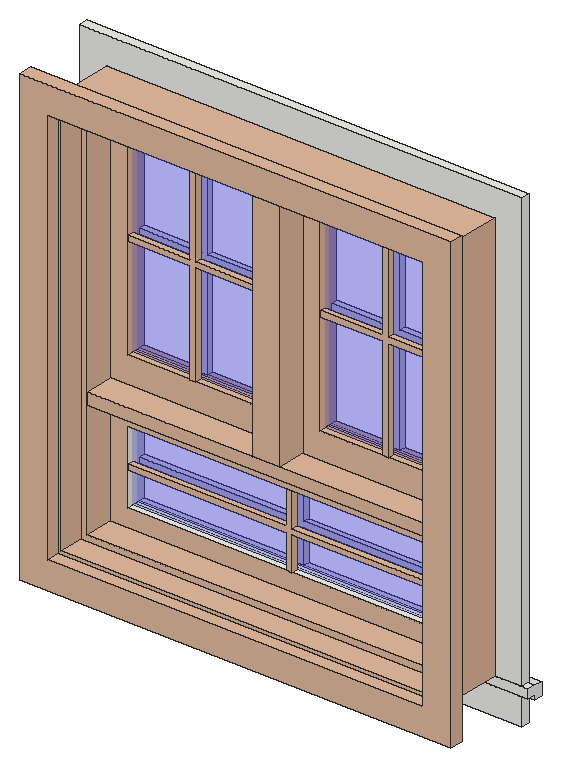
Revit family "M_Janela-batente-duplo-toldo", category Janelas, Revit 2019 (continued)
Types in the file's own list only (33): name | Meia largura | Transmissão de luz visual | Resistência térmica (R) | Coeficiente de ganho de calor solar | Largura bruta | Altura bruta | Altura da janela aberta | Visibilidade do montante superior | Padrão do montante | Altura | Coeficiente de transferência de calor (U) | Visibilidade do montante inferior | Largura
  1050 x 900mm | 525 mm | 0.81 | 0.3196 (m²·K)/W | 0.76 | 1065 mm | 915 mm | 600 mm | Sim | M_Padrão do montante_2x2 | 900 mm | 3.1293 W/(m²·K) | Sim | 1050 mm
  1050 x 1050mm | 525 mm | 0.81 | 0.3196 (m²·K)/W | 0.76 | 1065 mm | 1065 mm | 750 mm | Sim | M_Padrão do montante_2x2 | 1050 mm | 3.1293 W/(m²·K) | Sim | 1050 mm
  1050 x 1200mm | 525 mm | 0.81 | 0.3196 (m²·K)/W | 0.76 | 1065 mm | 1215 mm | 900 mm | Sim | M_Padrão do montante_2x2 | 1200 mm | 3.1293 W/(m²·K) | Sim | 1050 mm
  1050 x 1350mm | 525 mm | 0.81 | 0.3196 (m²·K)/W | 0.76 | 1065 mm | 1365 mm | 1050 mm | Sim | M_Padrão do montante_2x2 | 1350 mm | 3.1293 W/(m²·K) | Sim | 1050 mm
  1050 x 1500mm | 525 mm | 0.81 | 0.3196 (m²·K)/W | 0.76 | 1065 mm | 1515 mm | 1200 mm | Sim | M_Padrão do montante_2x2 | 1500 mm | 3.1293 W/(m²·K) | Sim | 1050 mm
  1050 x 1650mm | 525 mm | 0.81 | 0.3196 (m²·K)/W | 0.76 | 1065 mm | 1665 mm | 1350 mm | Sim | M_Padrão do montante_2x2 | 1650 mm | 3.1293 W/(m²·K) | Sim | 1050 mm
  1050 x 1800mm | 525 mm | 0.81 | 0.3196 (m²·K)/W | 0.76 | 1065 mm | 1815 mm | 1500 mm | Sim | M_Padrão do montante_2x2 | 1800 mm | 3.1293 W/(m²·K) | Sim | 1050 mm
  1200 x 600mm | 600 mm | 0.81 | 0.3196 (m²·K)/W | 0.76 | 1215 mm | 615 mm | 300 mm | Sim | M_Padrão do montante_2x2 | 600 mm | 3.1293 W/(m²·K) | Sim | 1200 mm
  1200 x 750mm | 600 mm | 0.81 | 0.3196 (m²·K)/W | 0.76 | 1215 mm | 765 mm | 450 mm | Sim | M_Padrão do montante_2x2 | 750 mm | 3.1293 W/(m²·K) | Sim | 1200 mm
  1200 x 900mm | 600 mm | 0.81 | 0.3196 (m²·K)/W | 0.76 | 1215 mm | 915 mm | 600 mm | Sim | M_Padrão do montante_2x2 | 900 mm | 3.1293 W/(m²·K) | Sim | 1200 mm
  1200 x 1050mm | 600 mm | 0.81 | 0.3196 (m²·K)/W | 0.76 | 1215 mm | 1065 mm | 750 mm | Sim | M_Padrão do montante_2x2 | 1050 mm | 3.1293 W/(m²·K) | Sim | 1200 mm
  1200 x 1200mm | 600 mm | 0.81 | 0.3196 (m²·K)/W | 0.76 | 1215 mm | 1215 mm | 900 mm | Sim | M_Padrão do montante_2x2 | 1200 mm | 3.1293 W/(m²·K) | Sim | 1200 mm
  1200 x 1350mm | 600 mm | 0.81 | 0.3196 (m²·K)/W | 0.76 | 1215 mm | 1365 mm | 1050 mm | Sim | M_Padrão do montante_2x2 | 1350 mm | 3.1293 W/(m²·K) | Sim | 1200 mm
  1200 x 1500mm | 600 mm | 0.81 | 0.3196 (m²·K)/W | 0.76 | 1215 mm | 1515 mm | 1200 mm | Sim | M_Padrão do montante_2x2 | 1500 mm | 3.1293 W/(m²·K) | Sim | 1200 mm
  1200 x 1650mm | 600 mm | 0.81 | 0.3196 (m²·K)/W | 0.76 | 1215 mm | 1665 mm | 1350 mm | Sim | M_Padrão do montante_2x2 | 1650 mm | 3.1293 W/(m²·K) | Sim | 1200 mm
  1200 x 1800mm | 600 mm | 0.81 | 0.3196 (m²·K)/W | 0.76 | 1215 mm | 1815 mm | 1500 mm | Sim | M_Padrão do montante_2x2 | 1800 mm | 3.1293 W/(m²·K) | Sim | 1200 mm
  1400 x 600mm | 700 mm | 0.81 | 0.3196 (m²·K)/W | 0.76 | 1415 mm | 615 mm | 300 mm | Sim | M_Padrão do montante_2x2 | 600 mm | 3.1293 W/(m²·K) | Sim | 1400 mm
  1400 x 750mm | 700 mm | 0.81 | 0.3196 (m²·K)/W | 0.76 | 1415 mm | 765 mm | 450 mm | Sim | M_Padrão do montante_2x2 | 750 mm | 3.1293 W/(m²·K) | Sim | 1400 mm
  1400 x 900mm | 700 mm | 0.81 | 0.3196 (m²·K)/W | 0.76 | 1415 mm | 915 mm | 600 mm | Sim | M_Padrão do montante_2x2 | 900 mm | 3.1293 W/(m²·K) | Sim | 1400 mm
  1400 x 1050mm | 700 mm | 0.81 | 0.3196 (m²·K)/W | 0.76 | 1415 mm | 1065 mm | 750 mm | Sim | M_Padrão do montante_2x2 | 1050 mm | 3.1293 W/(m²·K) | Sim | 1400 mm
  1400 x 1200mm | 700 mm | 0.81 | 0.3196 (m²·K)/W | 0.76 | 1415 mm | 1215 mm | 900 mm | Sim | M_Padrão do montante_2x2 | 1200 mm | 3.1293 W/(m²·K) | Sim | 1400 mm
  1400 x 1350mm | 700 mm | 0.81 | 0.3196 (m²·K)/W | 0.76 | 1415 mm | 1365 mm | 1050 mm | Sim | M_Padrão do montante_2x2 | 1350 mm | 3.1293 W/(m²·K) | Sim | 1400 mm
  1400 x 1500mm | 700 mm | 0.81 | 0.3196 (m²·K)/W | 0.76 | 1415 mm | 1515 mm | 1200 mm | Sim | M_Padrão do montante_2x2 | 1500 mm | 3.1293 W/(m²·K) | Sim | 1400 mm
  1400 x 1650mm | 700 mm | 0.81 | 0.3196 (m²·K)/W | 0.76 | 1415 mm | 1665 mm | 1350 mm | Sim | M_Padrão do montante_2x2 | 1650 mm | 3.1293 W/(m²·K) | Sim | 1400 mm
  1400 x 1800mm | 700 mm | 0.81 | 0.3196 (m²·K)/W | 0.76 | 1415 mm | 1815 mm | 1500 mm | Sim | M_Padrão do montante_2x2 | 1800 mm | 3.1293 W/(m²·K) | Sim | 1400 mm
